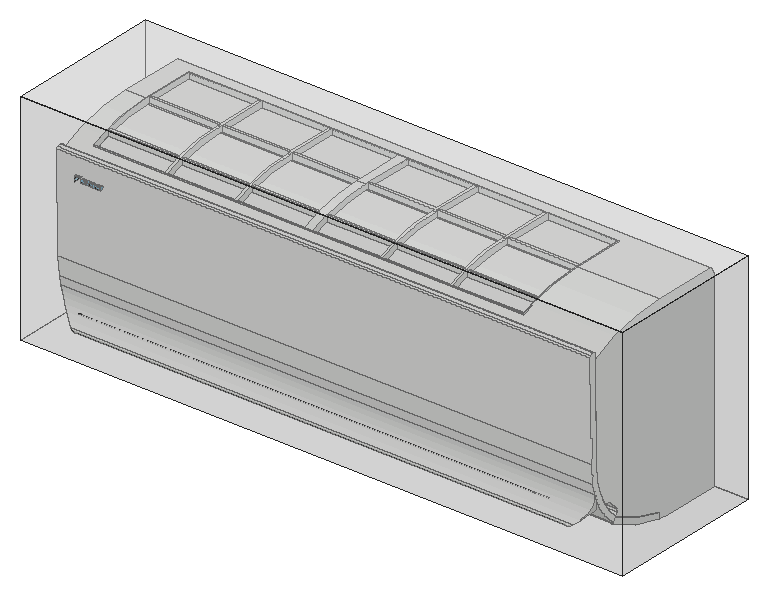
Revit family "outputfile", category 機械設備, Revit 2024
Family settings
  丸型コネクタ寸法 = 半径を使用
  パーツ タイプ = 標準
  OmniClass 番号 = 23.75.10.24.21.27.27
  OmniClass タイトル = Split System Air Conditioning Units
  作業面ベース = いいえ
  常に垂直 = はい
  ロード時にボイドで切り取り = いいえ
  注釈の向きを維持 = いいえ
  共有 = いいえ
  部屋計算ポイント = いいえ
Parameters (values of type "FTKE18YV2S")
  Description = ""
  製造元 = "Daikin"
  書き出し IFC クラス(タイプ) = "IfcUnitaryEquipmentType"
  定義済み IFC タイプ(タイプ) = "AIRCONDITIONINGUNIT"
  Cost = 0
  モデル = "FTKE18YV2S"
  Type Comments = ""
  Keynote = ""
  Type Image = (empty or 0)
  Assembly Code = ""
  switch_frequency = yes
  r_Liquid Pipe Size = Liquid Pipe Size / 2  # 3.2 mm
  r_Gas Pipe Size = Gas Pipe Size / 2  # 6.35 mm
  r_Drain Pipe Size = Drain Pipe Size / 2  # 8.0 mm
  lw_powersupply [instance] = if(or(Right Connection_refrigerant, Left Connection_refrigerant), 348.0 mm, if(or(Rear Right Connection_refrigerant, Bottom Right Connection_refrigerant), 30.0 mm, 740.0 mm))  # 348.0 mm
  lw_liquidpipe [instance] = if(or(Right Connection_refrigerant, Left Connection_refrigerant), 433.0 mm, if(or(Rear Right Connection_refrigerant, Bottom Right Connection_refrigerant), 40.0 mm, 730.0 mm))  # 433.0 mm
  lw_gaspipe [instance] = if(or(Right Connection_refrigerant, Left Connection_refrigerant), if(Gas Pipe Size = 9.5 mm, 335.0 mm, 345.0 mm) + 48.0 mm, if(or(Rear Right Connection_refrigerant, Bottom Right Connection_refrigerant), 55.0 mm, 715.0 mm))  # 393.0 mm
  lw_drainpipe [instance] = if(or(Right Connection_refrigerant, Left Connection_refrigerant), 488.0 mm, if(or(Rear Right Connection_refrigerant, Bottom Right Connection_refrigerant), 55.0 mm, 715.0 mm))  # 488.0 mm
  l_powersupply_length [instance] = if(Right Connection_refrigerant, 348.0 mm, if(Left Connection_refrigerant, 422.0 mm, if(or(Rear Left Connection_refrigerant, Rear Right Connection_refrigerant), 20.0 mm, 50.0 mm)))  # 348.0 mm
  l_liquidpipe_length [instance] = if(Right Connection_refrigerant, 433.0 mm, if(Left Connection_refrigerant, 337.0 mm, if(or(Rear Left Connection_refrigerant, Rear Right Connection_refrigerant), 40.0 mm, 35.0 mm)))  # 433.0 mm
  l_gaspipe_length [instance] = if(Right Connection_refrigerant, if(Gas Pipe Size = 9.5 mm, 335.0 mm, 345.0 mm) + 48.0 mm, if(Left Connection_refrigerant, 770.0 mm - (if(Gas Pipe Size = 9.5 mm, 335.0 mm, 345.0 mm) + 48.0 mm), if(or(Rear Left Connection_refrigerant, Rear Right Connection_refrigerant), 40.0 mm, 50.0 mm)))  # 393.0 mm
  l_drainpipe_length [instance] = if(Right Connection_refrigerant, 488.0 mm, if(Left Connection_refrigerant, 282.0 mm, if(or(Rear Left Connection_refrigerant, Rear Right Connection_refrigerant), 20.0 mm, 25.0 mm)))  # 488.0 mm
  h*** = 0.0 mm  # constant formula
  connector_voltage = Voltage_50Hz  # 220 V
  connector_powerinput = [Power Input (Cooling)]  # 1.740 kW
  connector_phase = Phase_50Hz  # 1
  angle_vertical [instance] = if(or(Bottom Left Connection_refrigerant, Bottom Right Connection_refrigerant), 0.00°, 90.00°)  # 90.00°
  angle_horizontal [instance] = if(Right Connection_refrigerant, 90.00°, if(Left Connection_refrigerant, -90.00°, if(or(Rear Left Connection_refrigerant, Rear Right Connection_refrigerant), 180.00°, 0.00°)))  # 90.00°
  Width = 770.0 mm
  Voltage_comment_50Hz = "220 - 240"
  Voltage_50Hz = 220 V
  Version = "ver.1.0"
  Unit Type = "Wall Mounted"
  Unit Mass Weight = 9.00 kg
  Unit Designation [instance] = ""
  Uniclass2015Version = "Products v1.30"
  Uniclass2015Title = "Split coil room air conditioning units"
  Uniclass2015Code = "Pr_70_65_03_86"
  URL = ""
  Total Cooling Capacity [instance] = 0.000 kW
  Sound Pressure Level_M speed (dBA) = 42
  Sound Pressure Level_L speed (dBA) = 35
  Sound Pressure Level_H speed (dBA) = 48
  Sound Power Level_H speed (dB) = 0
  Series = "Single Split_Fan Coil Unit"
  Sensible Cooling Capacity [instance] = 0.000 kW
  Refrigerant Type = "R32"
  Power Input (Cooling) = 1.740 kW
  Phase_50Hz = 1
  Option Accessory 3 [instance] = ""
  Option Accessory 2 [instance] = ""
  Option Accessory 1 [instance] = ""
  Nominal Cooling Capacity = 5.300 kW
  Minimum Circuit Amps_50Hz = 0.0 A
  Minimum Airflow = 516.00 m³/h
  Median Airflow = 636.00 m³/h
  Maximum Fuse Amps_50Hz = 0.0 A
  Maximum Airflow = 774.00 m³/h
  Material_Casing = DAIKIN_PureWhite_Casing_indoorunit
  Load Classification = HVAC
  Liquid Pipe Size = 6.4 mm
  Link_Nested Family [instance] = ""
  IfcVersion = ""
  IfcExportType = "AIRCONDITIONINGUNIT"
  IfcExportAs = "IfcUnitaryEquipmentType"
  Height = 285.0 mm
  Heat Exchanger Type = "Cross Fin Coil"
  Gas Pipe Size = 12.7 mm
  Frequency_50Hz = 50 Hz
  Fan Type = "Cross Flow Fan"
  Fan Drive = "-"
  FCU Tag No. [instance] = ""
  Drain Pipe Size = 16.0 mm
  Design Supply Airflow [instance] = 0.00 m³/h
  Depth = 226.0 mm
  既定の高さ = 0.0 mm
  Cooling Entering Wet Bulb Temperature [instance] = 0.00 °C
  Cooling Entering Dry Bulb Temperature [instance] = 0.00 °C
  Cooling Ambient Wet Bulb Temperature [instance] = 0.00 °C
  Cooling Ambient Dry Bulb Temperature [instance] = 0.00 °C
  Clearance visibility [instance] = yes
  Clearance Top = 30.0 mm
  Clearance Right = 50.0 mm
  Clearance Rear = 0.0 mm
  Clearance Left = 50.0 mm
  Clearance Front = 0.0 mm
  Clearance Bottom = 0.0 mm
  Bottom Right Connection_refrigerant [instance] = no
  Bottom Left Connection_refrigerant [instance] = no
  Rear Right Connection_refrigerant [instance] = no
  Rear Left Connection_refrigerant [instance] = no
  Right Connection_refrigerant [instance] = yes
  Left Connection_refrigerant [instance] = no
Reference planes
  plane 1 "Back": y = 0
  plane 2: z = 0
  plane 3 "Center (Left/Right)": x = 0
  plane 4: y = -133
  plane 5: y = -266
  plane 6 "Left": x = -385
  plane 7 "Right": x = 385
  plane 8 "Top": z = 0
  plane 9: y = 0
  plane 10: z = -285
  plane 11 "Clearance Front": y = -226
  plane 12 "Bottom": z = -285
  plane 13: z = -285
  plane 14: z = 30
  plane 15 "Front": y = -226
  plane 16 "Clearance Rear": y = 0
  plane 17: x = -8
  plane 18: x = -48
  plane 19: x = -103
  plane 20: y = -40
  plane 21: y = -20
  plane 22: x = 37
  plane 23: x = -435
  plane 24: x = 435
  plane 25: x = 337
Forms (mm)
  Extrusion 1, solid, material "DAIKIN_PureWhite_Casing_indoorunit" <- "Material_Casing", not visible
    sketch origin (-379, 1296.25, 1210) x (0, 1, 0) y (0, 0, 1)
      loop
        line (-1296.25, -1427) -> (-1326.25, -1427)
        arc (-1326.25, -1427) -> (-1340.393, -1432.858) -> (-1346.25, -1447) r 20
        line (-1346.25, -1447) -> (-1346.25, -1467)
        arc (-1346.25, -1467) -> (-1340.393, -1481.142) -> (-1326.25, -1487) r 20
        line (-1326.25, -1487) -> (-1296.25, -1487) -> (-1296.25, -1427)
    from 759 to 764
  Extrusion 2, solid, material "DAIKIN_PureWhite_Casing_indoorunit" <- "Material_Casing"
    sketch origin (-495, 1156.25, 1200) x (0, 1, 0) y (0, 0, 1)
      loop
        line (-1156.25, -1485) -> (-1156.25, -1208.5) -> (-1161.25, -1200) -> (-1254.25, -1200)
        arc (-1254.25, -1200) -> (-1314.413, -1207.347) -> (-1371.039, -1228.956) r 250
        arc (-1371.039, -1228.956) -> (-1370.963, -1294.87) -> (-1368.901, -1360.751) r 2186.827
        arc (-1368.901, -1360.751) -> (-1367.931, -1373.599) -> (-1366.216, -1386.369) r 221.844
        arc (-1366.216, -1386.369) -> (-1361.341, -1405) -> (-1353.083, -1422.397) r 103
        line (-1353.083, -1422.397) -> (-1345.22, -1422.397)
        arc (-1345.22, -1422.397) -> (-1343.826, -1422.741) -> (-1342.751, -1423.693) r 3
        arc (-1342.751, -1423.693) -> (-1337.001, -1431.196) -> (-1330.533, -1438.09) r 95
        arc (-1330.533, -1438.09) -> (-1329.645, -1439.831) -> (-1330.018, -1441.749) r 3
        line (-1330.018, -1441.749) -> (-1332.498, -1446.044)
        arc (-1332.498, -1446.044) -> (-1295.066, -1463.723) -> (-1255.079, -1474.437) r 231
        arc (-1255.079, -1474.437) -> (-1254.485, -1474.778) -> (-1254.25, -1475.422) r 1
        line (-1254.25, -1475.422) -> (-1254.25, -1483.703)
        arc (-1254.25, -1483.703) -> (-1250.776, -1484.245) -> (-1247.294, -1484.736) r 240
        arc (-1247.294, -1484.736) -> (-1245.313, -1484.934) -> (-1243.323, -1485) r 30
        line (-1243.323, -1485) -> (-1156.25, -1485)
    from 110 to 880
  Extrusion 3, solid, material "DAIKIN_PureWhite_Casing_indoorunit" <- "Material_Casing"
    sketch origin (-622.601, -1524, -230) x (-1, 0, 0) y (0, -1, 0)
      loop
        line (-996.615, -1494) -> (-996.615, -1524) -> (-936.615, -1524) -> (-936.615, -1494)
        arc (-936.615, -1494) -> (-942.473, -1479.858) -> (-956.615, -1474) r 20
        line (-956.615, -1474) -> (-976.615, -1474)
        arc (-976.615, -1474) -> (-990.757, -1479.858) -> (-996.615, -1494) r 20
      loop
        arc (-248.601, -1494) -> (-254.459, -1479.858) -> (-268.601, -1474) r 20
        line (-268.601, -1474) -> (-288.601, -1474)
        arc (-288.601, -1474) -> (-302.743, -1479.858) -> (-308.601, -1494) r 20
        line (-308.601, -1494) -> (-308.601, -1524) -> (-248.601, -1524) -> (-248.601, -1494)
    from -55 to -50
  Extrusion 4, solid, material "DAIKIN_PureWhite_Casing_indoorunit" <- "Material_Casing"
    sketch origin (0, 0, 10) x (1, 0, 0) y (0, 0, 1)
      loop
        circle (337, -250.5) r 32.5
      loop
        circle (-337, -250.5) r 32.5
    from 0 to 5
  Extrusion 5, solid, material "DAIKIN_PureWhite_Casing_indoorunit" <- "Material_Casing"
    sketch origin (489, 1296.25, 1210) x (0, 1, 0) y (0, 0, -1)
      loop
        line (-1296.25, 1427) -> (-1296.25, 1487) -> (-1326.25, 1487)
        arc (-1326.25, 1487) -> (-1340.393, 1481.142) -> (-1346.25, 1467) r 20
        line (-1346.25, 1467) -> (-1346.25, 1447)
        arc (-1346.25, 1447) -> (-1340.393, 1432.858) -> (-1326.25, 1427) r 20
        line (-1326.25, 1427) -> (-1296.25, 1427)
    from 869 to 874
  Extrusion 6, solid, material "DAIKIN_PureWhite_Casing_indoorunit" <- "Material_Casing"
    sketch origin (-385, 1156.25, 1200) x (0, 1, 0) y (0, 0, 1)
      loop
        arc (-1374.103, -1387.706) -> (-1361.832, -1423.213) -> (-1338.419, -1452.594) r 111
        arc (-1338.419, -1452.594) -> (-1337.834, -1452.764) -> (-1337.333, -1452.419) r 0.709
        line (-1337.333, -1452.419) -> (-1334.084, -1446.792)
        arc (-1334.084, -1446.792) -> (-1333.962, -1446.14) -> (-1334.274, -1445.556) r 1
        arc (-1334.274, -1445.556) -> (-1355.212, -1418.643) -> (-1366.216, -1386.369) r 103
        arc (-1366.216, -1386.369) -> (-1367.931, -1373.599) -> (-1368.901, -1360.751) r 221.844
        arc (-1368.901, -1360.751) -> (-1370.989, -1293.222) -> (-1370.99, -1225.661) r 2186.827
        arc (-1370.99, -1225.661) -> (-1370.93, -1221.937) -> (-1370.863, -1218.213) r 2192
        arc (-1370.863, -1218.213) -> (-1371.146, -1217.637) -> (-1371.78, -1217.535) r 0.7
        line (-1371.78, -1217.535) -> (-1377.538, -1219.406)
        arc (-1377.538, -1219.406) -> (-1378.425, -1219.99) -> (-1378.887, -1220.946) r 2
        arc (-1378.887, -1220.946) -> (-1379.035, -1290.894) -> (-1376.907, -1360.81) r 2149.92
        arc (-1376.907, -1360.81) -> (-1375.901, -1374.299) -> (-1374.103, -1387.706) r 229.911
    from 0 to 770
  Extrusion 7, solid, material "DAIKIN_PureWhite_Casing_indoorunit" <- "Material_Casing"
    sketch origin (-385, 1156.25, 1200) x (0, 1, 0) y (0, 0, 1)
      loop
        arc (-1336.569, -1454.09) -> (-1297.525, -1472.406) -> (-1255.834, -1483.439) r 240
        arc (-1255.834, -1483.439) -> (-1255.428, -1483.328) -> (-1255.25, -1482.946) r 0.5
        line (-1255.25, -1482.946) -> (-1255.25, -1475.422)
        arc (-1255.25, -1475.422) -> (-1295.171, -1464.749) -> (-1332.564, -1447.164) r 232
        arc (-1332.564, -1447.164) -> (-1332.945, -1447.112) -> (-1333.249, -1447.346) r 0.5
        line (-1333.249, -1447.346) -> (-1336.741, -1453.393)
        arc (-1336.741, -1453.393) -> (-1336.802, -1453.778) -> (-1336.569, -1454.09) r 0.5
    from 0 to 770
  Extrusion 8, solid, material "DAIKIN_PureWhite_Casing_indoorunit" <- "Material_Casing"
    sketch origin (-385, 1156.25, 1200) x (0, 1, 0) y (0, 0, 1)
      loop
        arc (-1371.046, -1401.088) -> (-1370.514, -1423.975) -> (-1381.552, -1444.032) r 44
        arc (-1381.552, -1444.032) -> (-1382.188, -1446.32) -> (-1380.625, -1448.108) r 2.5
        arc (-1380.625, -1448.108) -> (-1367.897, -1451.601) -> (-1354.751, -1452.778) r 74
        line (-1354.751, -1452.778) -> (-1338.211, -1452.778)
        arc (-1338.211, -1452.778) -> (-1358.264, -1429.242) -> (-1371.046, -1401.088) r 111
    from 0 to 770
  Extrusion 9, solid, material "DAIKIN_PureWhite_Casing_indoorunit" <- "Material_Casing"
    sketch origin (-385, 1156.25, 1200) x (0, 1, 0) y (0, 0, 1)
      loop
        line (-1254.32, -1208) -> (-1177.85, -1208) -> (-1177.85, -1200) -> (-1254.25, -1200)
        arc (-1254.25, -1200) -> (-1302.879, -1204.775) -> (-1349.65, -1218.918) r 250
        line (-1349.65, -1218.918) -> (-1349.65, -1227.568)
        arc (-1349.65, -1227.568) -> (-1302.979, -1212.942) -> (-1254.32, -1208) r 242
    from 29.359 to 650.764
  Extrusion 10, void
    sketch origin (-385, 1156.25, 1200) x (0, 1, 0) y (0, 0, 1)
      loop
        line (-1349.65, -1215.676) -> (-1349.65, -1227.568)
        arc (-1349.65, -1227.568) -> (-1302.979, -1212.942) -> (-1254.32, -1208) r 242
        line (-1254.32, -1208) -> (-1177.85, -1208) -> (-1177.85, -1197) -> (-1254.25, -1197)
        arc (-1254.25, -1197) -> (-1302.856, -1201.713) -> (-1349.65, -1215.676) r 253
    from 29.359 to 650.764
  Extrusion 11, void
    sketch origin (-610.615, -1524, -240) x (-1, 0, 0) y (0, -1, 0)
      loop
        line (-255.68, -1501.684) -> (-255.68, -1432.659) -> (-357.948, -1432.659) -> (-357.948, -1501.684) -> (-255.68, -1501.684)
      loop
        line (-361.28, -1501.684) -> (-361.28, -1432.659) -> (-459.048, -1432.659) -> (-459.048, -1501.684) -> (-361.28, -1501.684)
      loop
        line (-255.68, -1429.341) -> (-255.68, -1358.741) -> (-357.948, -1358.741) -> (-357.948, -1429.341) -> (-255.68, -1429.341)
      loop
        line (-255.68, -1356.618) -> (-255.68, -1331.319) -> (-357.948, -1331.319) -> (-357.948, -1356.618) -> (-255.68, -1356.618)
      loop
        line (-361.274, -1429.341) -> (-361.274, -1358.741) -> (-459.048, -1358.741) -> (-459.048, -1429.341) -> (-361.274, -1429.341)
      loop
        line (-361.274, -1356.618) -> (-361.274, -1331.319) -> (-459.048, -1331.319) -> (-459.048, -1356.618) -> (-361.274, -1356.618)
      loop
        line (-462.312, -1501.684) -> (-462.312, -1432.659) -> (-559.622, -1432.659) -> (-559.622, -1501.684) -> (-462.312, -1501.684)
      loop
        line (-462.306, -1429.341) -> (-462.306, -1358.741) -> (-559.622, -1358.741) -> (-559.622, -1429.341) -> (-462.306, -1429.341)
      loop
        line (-462.306, -1356.618) -> (-462.306, -1331.319) -> (-559.622, -1331.319) -> (-559.622, -1356.618) -> (-462.306, -1356.618)
      loop
        line (-571.622, -1501.684) -> (-571.622, -1432.659) -> (-668.931, -1432.659) -> (-668.931, -1501.684) -> (-571.622, -1501.684)
      loop
        line (-672.311, -1501.684) -> (-672.311, -1432.659) -> (-770.079, -1432.659) -> (-770.079, -1501.684) -> (-672.311, -1501.684)
      loop
        line (-571.622, -1429.341) -> (-571.622, -1358.741) -> (-668.925, -1358.741) -> (-668.925, -1429.341) -> (-571.622, -1429.341)
      loop
        line (-571.622, -1356.618) -> (-571.622, -1331.319) -> (-668.925, -1331.319) -> (-668.925, -1356.618) -> (-571.622, -1356.618)
      loop
        line (-672.311, -1429.341) -> (-672.311, -1358.741) -> (-770.079, -1358.741) -> (-770.079, -1429.341) -> (-672.311, -1429.341)
      loop
        line (-672.311, -1356.618) -> (-672.311, -1331.319) -> (-770.079, -1331.319) -> (-770.079, -1356.618) -> (-672.311, -1356.618)
      loop
        line (-773.411, -1501.684) -> (-773.411, -1432.659) -> (-875.679, -1432.659) -> (-875.679, -1501.684) -> (-773.411, -1501.684)
      loop
        line (-773.411, -1429.341) -> (-773.411, -1358.741) -> (-875.679, -1358.741) -> (-875.679, -1429.341) -> (-773.411, -1429.341)
      loop
        line (-773.411, -1356.618) -> (-773.411, -1331.319) -> (-875.679, -1331.319) -> (-875.679, -1356.618) -> (-773.411, -1356.618)
    from 208.902 to 245
  Extrusion 12, void
    sketch origin (-385, 1156.25, 1200) x (0, 1, 0) y (0, 0, 1)
      loop
        arc (-1339.36, -1455.929) -> (-1309.531, -1470.929) -> (-1277.928, -1481.699) r 243
        line (-1277.928, -1481.699) -> (-1275.103, -1471.068)
        arc (-1275.103, -1471.068) -> (-1305.332, -1460.762) -> (-1333.859, -1446.402) r 232
        line (-1333.859, -1446.402) -> (-1339.36, -1455.929)
    from 47 to 652
  Extrusion 13, solid, material "DAIKIN_PureWhite_Casing_indoorunit" <- "Material_Casing"
    sketch origin (-385, 1156.25, 1200) x (0, 1, 0) y (0, 0, 1)
      loop
        arc (-1336.998, -1453.838) -> (-1307.924, -1468.349) -> (-1277.157, -1478.8) r 240
        line (-1277.157, -1478.8) -> (-1275.103, -1471.068)
        arc (-1275.103, -1471.068) -> (-1304.871, -1460.955) -> (-1332.998, -1446.91) r 232
        line (-1332.998, -1446.91) -> (-1336.998, -1453.838)
    from 52.507 to 648.507
  Extrusion 14, void
    sketch origin (0, 0, 0) x (1, 0, 0) y (0, 0, 1)
      loop
        line (-395, -201.088) -> (-395, -259.424) -> (-333.271, -259.424) -> (-333.271, -252.778)
        arc (-333.271, -252.778) -> (-369.835, -237.641) -> (-385, -201.088) r 51.729
        line (-385, -201.088) -> (-395, -201.088)
    from 118.853 to 250
  Extrusion 15, void
    sketch origin (0, 0, 0) x (1, 0, 0) y (0, 0, 1)
      loop
        arc (385, -200.608) -> (369.72, -237.498) -> (332.829, -252.778) r 52.171
        line (332.829, -252.778) -> (332.829, -262.778) -> (392.829, -262.778) -> (392.829, -192.778) -> (385, -192.778) -> (385, -200.608)
    from 140.894 to 250
Cuts and joins
  Extrusion 10 cuts Extrusion 2
  Extrusion 11 cuts Extrusion 9
  Extrusion 12 cuts Extrusion 7
  Extrusion 14, Extrusion 15 cuts Extrusion 8
Lines and regions (mm)
  reference lines
    curve 1: line (-395.5, -222.696, -45.45) -> (-395.5, -222.696, -55.45)
Dimensions and locks
  equal spacing: plane 6 "Left", plane 3 "Center (Left/Right)", plane 7 "Right"
  "Width": plane 6 "Left" to plane 7 "Right"
  level to plane 10 = 285.0 mm
  locked: Extrusion 4 sketch curve to plane 6 "Left" at 48
  locked: plane 7 "Right" to Extrusion 4 sketch curve at 48
  locked: plane 8 "Top" to Extrusion 4 sketch curve at 240.5  (x2)
  locked: plane 6 "Left" to Extrusion 3 sketch curve at 11
  locked: Extrusion 3 sketch curve to Extrusion 3 sketch curve at 60  (x2)
  locked: Extrusion 3 sketch curve to plane 7 "Right" at 10.986
  "Height": plane 8 "Top" to plane 12 "Bottom"
  "Clearance Top": plane 14 to plane 8 "Top"
  "Clearance Bottom": plane 12 "Bottom" to plane 13
  "Depth": plane 15 "Front" to plane 1 "Back"
  "Clearance Front": plane 15 "Front" to plane 11 "Clearance Front"
  "Clearance Rear": plane 16 "Clearance Rear" to plane 1 "Back"
  locked: plane 1 "Back" to plane 20 at 40
  locked: plane 1 "Back" to plane 21 at 20
  "Clearance Left": plane 23 to plane 6 "Left"
  "Clearance Right": plane 7 "Right" to plane 24
  "lw_powersupply": plane 22 to plane 7 "Right"
  locked: plane 25 to plane 7 "Right" at 48
  "lw_gaspipe": plane 17 to plane 7 "Right"
  "lw_liquidpipe": plane 18 to plane 7 "Right"
  "lw_drainpipe": plane 19 to plane 7 "Right"
  aligned and locked: level to plane 2
  aligned and locked: nested 2 to curve 1
  aligned and locked: plane 7 "Right" to Extrusion 1
  aligned and locked: plane 19 to nested 3
  aligned and locked: plane 18 to nested 4
  aligned and locked: plane 22 to nested 5
  aligned and locked: plane 17 to nested 6
  aligned and locked: nested 6 to plane 20
  aligned and locked: nested 4 to plane 20
  aligned and locked: nested 3 to plane 21
  aligned and locked: nested 5 to plane 21
  aligned and locked: nested 1 to plane 16 "Clearance Rear"
  aligned and locked: plane 11 "Clearance Front" to nested 1
  aligned and locked: nested 1 to plane 13
  aligned and locked: nested 1 to plane 14
  aligned and locked: nested 1 to plane 23
  aligned and locked: plane 24 to nested 1
Automatic sketch dimensions
  Extrusion 1 sketch curve to plane 1 "Back" = 0.0 mm
  plane 1 "Back" to Extrusion 1 sketch curve = 30.0 mm  (x2)
  Extrusion 1 sketch curve to Extrusion 1 sketch curve = 20.0 mm  (x2)
  Extrusion 1 sketch curve to level = 277.0 mm
  Extrusion 2 sketch curve to Extrusion 2 sketch curve = 0.0 mm  (x8)
  Extrusion 2 sketch curve to level = 0.0 mm
  Extrusion 2 sketch curve to plane 10 = 0.0 mm
  Extrusion 2 sketch curve to plane 1 "Back" = 0.0 mm
  plane 1 "Back" to Extrusion 2 sketch curve = 5.0 mm
  plane 1 "Back" to Extrusion 2 sketch curve = 59.278 mm
  plane 4 to Extrusion 2 sketch curve = 45.927 mm
  plane 10 to Extrusion 2 sketch curve = 1.297 mm
  Extrusion 2 sketch curve to Extrusion 2 sketch curve = 10.927 mm
  plane 4 to Extrusion 2 sketch curve = 35.0 mm
  Extrusion 2 sketch curve to Extrusion 2 sketch curve = 1.0 mm
  plane 4 to Extrusion 2 sketch curve = 24.681 mm
  Extrusion 2 sketch curve to plane 4 = 40.768 mm
  Extrusion 2 sketch curve to Extrusion 2 sketch curve = 2.48 mm
  Extrusion 2 sketch curve to Extrusion 2 sketch curve = 2.598 mm
  Extrusion 2 sketch curve to Extrusion 2 sketch curve = 12.604 mm
  Extrusion 2 sketch curve to Extrusion 2 sketch curve = 7.862 mm
  Extrusion 2 sketch curve to plane 1 "Back" = 8.955 mm
  Extrusion 2 sketch curve to level = 59.408 mm
  Extrusion 2 sketch curve to Extrusion 2 sketch curve = 1962.872 mm
  Extrusion 2 sketch curve to Extrusion 2 sketch curve = 8.281 mm
  Extrusion 2 sketch curve to Extrusion 2 sketch curve = 20.422 mm
  Extrusion 2 sketch curve to Extrusion 2 sketch curve = 5.0 mm
  plane 10 to Extrusion 2 sketch curve = 38.956 mm
  Extrusion 2 sketch curve to Extrusion 2 sketch curve = 4.295 mm
  Extrusion 2 sketch curve to Extrusion 2 sketch curve = 1.5 mm
  Extrusion 2 sketch curve to Extrusion 2 sketch curve = 14.851 mm
  Extrusion 2 sketch curve to Extrusion 2 sketch curve = 3.0 mm
  Extrusion 2 sketch curve to Extrusion 2 sketch curve = 80.275 mm
  Extrusion 2 sketch curve to Extrusion 2 sketch curve = 19.254 mm
  Extrusion 2 sketch curve to level = 46.847 mm
  Extrusion 2 sketch curve to level = 8.5 mm
  Extrusion 2 sketch curve to Extrusion 2 sketch curve = 13.133 mm
  plane 1 "Back" to Extrusion 3 sketch curve = 0.0 mm  (x2)
  Extrusion 3 sketch curve to Extrusion 3 sketch curve = 20.0 mm  (x4)
  plane 1 "Back" to Extrusion 3 sketch curve = 30.0 mm  (x2)
  Extrusion 5 sketch curve to plane 1 "Back" = 0.0 mm
  plane 1 "Back" to Extrusion 5 sketch curve = 30.0 mm  (x2)
  Extrusion 5 sketch curve to Extrusion 5 sketch curve = 20.0 mm  (x2)
  Extrusion 5 sketch curve to level = 217.0 mm
  Extrusion 6 sketch curve to Extrusion 6 sketch curve = 0.0 mm  (x5)
  Extrusion 6 sketch curve to level = 19.406 mm
  Extrusion 6 sketch curve to Extrusion 6 sketch curve = 1.349 mm
  Extrusion 6 sketch curve to Extrusion 6 sketch curve = 0.618 mm
  Extrusion 6 sketch curve to level = 17.535 mm
  Extrusion 6 sketch curve to Extrusion 6 sketch curve = 5.759 mm
  Extrusion 6 sketch curve to Extrusion 6 sketch curve = 0.217 mm
  Extrusion 6 sketch curve to plane 4 = 48.697 mm
  Extrusion 6 sketch curve to Extrusion 6 sketch curve = 0.614 mm
  Extrusion 6 sketch curve to Extrusion 6 sketch curve = 2.997 mm
  Extrusion 6 sketch curve to Extrusion 6 sketch curve = 0.866 mm
  plane 4 to Extrusion 6 sketch curve = 24.681 mm
  Extrusion 6 sketch curve to plane 1 "Back" = 8.955 mm
  Extrusion 6 sketch curve to Extrusion 6 sketch curve = 0.067 mm
  Extrusion 6 sketch curve to level = 60.455 mm
  Extrusion 6 sketch curve to Extrusion 6 sketch curve = 44.907 mm
  Extrusion 6 sketch curve to Extrusion 6 sketch curve = 5.173 mm
  Extrusion 6 sketch curve to level = 150.462 mm
  Extrusion 6 sketch curve to Extrusion 6 sketch curve = 0.008 mm
  Extrusion 6 sketch curve to Extrusion 6 sketch curve = 19.254 mm
  Extrusion 6 sketch curve to Extrusion 6 sketch curve = 76.567 mm
  Extrusion 6 sketch curve to Extrusion 6 sketch curve = 0.5 mm
  Extrusion 6 sketch curve to Extrusion 6 sketch curve = 5.772 mm
  Extrusion 6 sketch curve to Extrusion 6 sketch curve = 1.017 mm
  Extrusion 6 sketch curve to Extrusion 6 sketch curve = 0.03 mm
  Extrusion 6 sketch curve to Extrusion 6 sketch curve = 0.665 mm
  plane 5 to Extrusion 6 sketch curve = 45.344 mm
  Extrusion 6 sketch curve to Extrusion 6 sketch curve = 5.93 mm
  Extrusion 6 sketch curve to Extrusion 6 sketch curve = 7.888 mm
  Extrusion 7 sketch curve to plane 4 = 47.49 mm
  Extrusion 7 sketch curve to Extrusion 7 sketch curve = 0.424 mm
  Extrusion 7 sketch curve to Extrusion 7 sketch curve = 3.491 mm
  Extrusion 7 sketch curve to Extrusion 7 sketch curve = 0.433 mm
  plane 4 to Extrusion 7 sketch curve = 33.5 mm
  Extrusion 7 sketch curve to Extrusion 7 sketch curve = 0.5 mm
  plane 1 "Back" to Extrusion 7 sketch curve = 59.278 mm
  Extrusion 7 sketch curve to Extrusion 7 sketch curve = 0.0 mm  (x4)
  Extrusion 7 sketch curve to level = 282.946 mm
  Extrusion 7 sketch curve to Extrusion 7 sketch curve = 7.524 mm
  Extrusion 7 sketch curve to Extrusion 7 sketch curve = 21.764 mm
  Extrusion 7 sketch curve to Extrusion 7 sketch curve = 0.265 mm
  Extrusion 7 sketch curve to Extrusion 7 sketch curve = 6.062 mm
  Extrusion 7 sketch curve to Extrusion 7 sketch curve = 0.25 mm
  Extrusion 7 sketch curve to level = 46.848 mm
  Extrusion 7 sketch curve to Extrusion 7 sketch curve = 0.084 mm
  plane 5 to Extrusion 8 sketch curve = 8.997 mm
  plane 5 to Extrusion 8 sketch curve = 42.5 mm
  Extrusion 8 sketch curve to Extrusion 8 sketch curve = 25.0 mm
  Extrusion 8 sketch curve to Extrusion 8 sketch curve = 16.54 mm
  plane 4 to Extrusion 8 sketch curve = 24.681 mm
  Extrusion 8 sketch curve to level = 252.778 mm
  Extrusion 8 sketch curve to Extrusion 8 sketch curve = 7.013 mm
  Extrusion 8 sketch curve to Extrusion 8 sketch curve = 32.246 mm
  Extrusion 8 sketch curve to Extrusion 8 sketch curve = 34.741 mm
  Extrusion 8 sketch curve to Extrusion 8 sketch curve = 9.054 mm
  Extrusion 8 sketch curve to Extrusion 8 sketch curve = 1.801 mm
  Extrusion 8 sketch curve to Extrusion 8 sketch curve = 0.0 mm  (x2)
  Extrusion 8 sketch curve to Extrusion 8 sketch curve = 16.296 mm
  Extrusion 9 sketch curve to level = 0.0 mm
  Extrusion 9 sketch curve to level = 18.918 mm
  Extrusion 9 sketch curve to plane 4 = 60.4 mm
  Extrusion 9 sketch curve to level = 8.0 mm
  plane 4 to Extrusion 9 sketch curve = 34.93 mm
  Extrusion 9 sketch curve to Extrusion 9 sketch curve = 0.07 mm
  plane 1 "Back" to Extrusion 9 sketch curve = 21.6 mm
  Extrusion 9 sketch curve to Extrusion 9 sketch curve = 0.0 mm
  Extrusion 10 sketch curve to level = 27.568 mm
  Extrusion 10 sketch curve to plane 4 = 60.4 mm
  plane 4 to Extrusion 10 sketch curve = 34.93 mm
  level to Extrusion 10 sketch curve = 3.0 mm
  Extrusion 10 sketch curve to Extrusion 10 sketch curve = 0.07 mm
  plane 1 "Back" to Extrusion 10 sketch curve = 21.6 mm
  Extrusion 10 sketch curve to Extrusion 10 sketch curve = 222.432 mm
  Extrusion 10 sketch curve to Extrusion 10 sketch curve = 0.0 mm
  plane 4 to Extrusion 11 sketch curve = 38.341 mm
  Extrusion 11 sketch curve to plane 7 "Right" = 119.936 mm
  Extrusion 11 sketch curve to Extrusion 11 sketch curve = 0.0 mm  (x22)
  plane 1 "Back" to Extrusion 11 sketch curve = 22.316 mm  (x3)
  Extrusion 11 sketch curve to Extrusion 11 sketch curve = 102.268 mm
  Extrusion 11 sketch curve to Extrusion 11 sketch curve = 3.332 mm  (x3)
  plane 3 "Center (Left/Right)" to Extrusion 11 sketch curve = 61.696 mm  (x2)
  Extrusion 11 sketch curve to Extrusion 11 sketch curve = 3.38 mm
  Extrusion 11 sketch curve to Extrusion 11 sketch curve = 3.386 mm
  Extrusion 11 sketch curve to Extrusion 11 sketch curve = 0.006 mm  (x3)
  Extrusion 11 sketch curve to plane 3 "Center (Left/Right)" = 38.993 mm  (x2)
  Extrusion 11 sketch curve to Extrusion 11 sketch curve = 12.0 mm  (x2)
  plane 4 to Extrusion 11 sketch curve = 41.659 mm  (x3)
  Extrusion 11 sketch curve to Extrusion 11 sketch curve = 97.309 mm
  Extrusion 11 sketch curve to plane 4 = 32.259 mm  (x4)
  Extrusion 11 sketch curve to Extrusion 11 sketch curve = 3.264 mm
  Extrusion 11 sketch curve to Extrusion 11 sketch curve = 3.258 mm  (x2)
  Extrusion 11 sketch curve to Extrusion 11 sketch curve = 97.768 mm
  Extrusion 11 sketch curve to Extrusion 11 sketch curve = 3.326 mm
  plane 6 "Left" to Extrusion 11 sketch curve = 30.066 mm
  Extrusion 11 sketch curve to Extrusion 11 sketch curve = 3.317 mm  (x5)
  Extrusion 11 sketch curve to Extrusion 11 sketch curve = 2.124 mm  (x6)
  Extrusion 11 sketch curve to Extrusion 11 sketch curve = 25.299 mm  (x5)
  plane 4 to Extrusion 12 sketch curve = 11.323 mm
  Extrusion 12 sketch curve to Extrusion 12 sketch curve = 2.825 mm
  Extrusion 12 sketch curve to Extrusion 12 sketch curve = 0.0 mm  (x2)
  Extrusion 12 sketch curve to level = 281.699 mm
  Extrusion 12 sketch curve to Extrusion 12 sketch curve = 10.631 mm
  Extrusion 13 sketch curve to plane 4 = 47.748 mm
  Extrusion 13 sketch curve to Extrusion 13 sketch curve = 4.0 mm
  plane 4 to Extrusion 13 sketch curve = 12.093 mm
  Extrusion 13 sketch curve to Extrusion 13 sketch curve = 2.054 mm
  plane 1 "Back" to Extrusion 13 sketch curve = 59.278 mm
  Extrusion 13 sketch curve to Extrusion 13 sketch curve = 0.0 mm
  Extrusion 13 sketch curve to level = 278.8 mm
  Extrusion 13 sketch curve to Extrusion 13 sketch curve = 7.732 mm
  Extrusion 13 sketch curve to Extrusion 13 sketch curve = 17.23 mm
  Extrusion 13 sketch curve to Extrusion 13 sketch curve = 6.928 mm
  Extrusion 12 sketch curve to plane 4 = 50.109 mm
  plane 1 "Back" to Extrusion 12 sketch curve = 59.278 mm
  Extrusion 12 sketch curve to Extrusion 12 sketch curve = 15.14 mm
  Extrusion 12 sketch curve to Extrusion 12 sketch curve = 5.5 mm
  Extrusion 14 sketch curve to plane 6 "Left" = 10.0 mm
  plane 6 "Left" to Extrusion 14 sketch curve = 0.0 mm
  plane 7 "Right" to Extrusion 15 sketch curve = 7.829 mm
  Extrusion 15 sketch curve to plane 7 "Right" = 0.0 mm
  Extrusion 6 sketch curve to plane 4 = 87.67 mm
  Extrusion 6 sketch curve to Extrusion 6 sketch curve = 1.902 mm
  Extrusion 6 sketch curve to Extrusion 6 sketch curve = 2.804 mm
  plane 6 "Left" to Extrusion 14 sketch curve = 51.729 mm
  Extrusion 14 sketch curve to Extrusion 14 sketch curve = 6.646 mm
  Extrusion 15 sketch curve to Extrusion 15 sketch curve = 10.0 mm
  Extrusion 14 sketch curve to level = 259.424 mm
  Extrusion 14 sketch curve to Extrusion 14 sketch curve = 58.337 mm
  Extrusion 15 sketch curve to plane 7 "Right" = 52.171 mm
  Extrusion 15 sketch curve to level = 262.778 mm
  Extrusion 15 sketch curve to Extrusion 15 sketch curve = 7.829 mm
  plane 5 to curve 1 = 43.304 mm
  curve 1 to level = 55.45 mm
  curve 1 to curve 1 = 10.0 mm
  radius of Extrusion 4 sketch curve = 32.5 mm  (x2)
Nested families
  nested 1: "daikin_clearancespace" at (0, -113, -127.381), show <- "Clearance visibility", visible <- "Clearance visibility", Link_Nested Family <- "Link_Nested Family", type "daikin_clearancespace"
    with width 870.0 mm, show yes, height 315.0 mm, depth 226.0 mm, Link_Nested Family ""
  nested 2: "daikin_logo_plane_w40" at (-338, -222.696, -45) x (1, 0, 0) z (0, -1, 0), type "daikin_logo_plane_w40"
    with show_logo yes
  nested 3: "daikin_connector_rotate3" at (-103, -20, -260), angle_vertical <- "angle_vertical", angle_horizontal <- "angle_horizontal", length <- "l_drainpipe_length", radius <- "r_Drain Pipe Size", type "daikin_connector_rotate3"
    with show no, radius 8.0 mm, length 488.0 mm, angle_vertical 90.00°, angle_horizontal 90.00°
  nested 4: "daikin_connector_rotate3" at (-48, -40, -250), angle_vertical <- "angle_vertical", angle_horizontal <- "angle_horizontal", length <- "l_liquidpipe_length", radius <- "r_Liquid Pipe Size", type "daikin_connector_rotate3"
    with show no, radius 3.2 mm, length 433.0 mm, angle_vertical 90.00°, angle_horizontal 90.00°
  nested 5: "daikin_connector_rotate3" at (37, -20, -235), angle_vertical <- "angle_vertical", angle_horizontal <- "angle_horizontal", length <- "l_powersupply_length", type "daikin_connector_rotate3"
    with show no, radius 10.0 mm, length 348.0 mm, angle_vertical 90.00°, angle_horizontal 90.00°
  nested 6: "daikin_connector_rotate3" at (-8, -40, -235), angle_vertical <- "angle_vertical", angle_horizontal <- "angle_horizontal", length <- "l_gaspipe_length", radius <- "r_Gas Pipe Size", type "daikin_connector_rotate3"
    with show no, radius 6.35 mm, length 393.0 mm, angle_vertical 90.00°, angle_horizontal 90.00°
Connectors
  electrical at (385, -20, -235), driven by "Load Classification", driven by "connector_voltage", driven by "connector_phase", driven by "connector_powerinput"
    settings: on nested 5, index 1, voltage 220 V, apparent load 1740 VA, apparent load phase1 0 VA, apparent load phase2 0 VA, apparent load phase3 0 VA, power factor 1, load classification "HVAC", number of poles 1, system type 30, power factor state 1, is connector primary yes, connector utility no, sub classification motor no, connector description "Power Supply"
  piping at (385, -20, -260), diameter 16, driven by "r_Drain Pipe Size"
    settings: on nested 3, index 2, connector inside diameter 609.6 mm, connector length 0.0 mm, flow factor 0, pipe flow 0.00 m³/h, pressure drop 0.0 Pa, fitting loss kfactor 0, connector angle 0.00°, fixture units 0, engagement length 0.0 mm, angle of deflection 0.00°, flow configuration 1, flow direction 2, fitting loss method 4, system type 16, joint type 0, gender type 0, connector reference index -1, connector utility 0, adjustable connector no, is connector primary yes, connector description "Condensate Drain Piping"
  piping at (385, -40, -235), diameter 12.7, driven by "r_Gas Pipe Size"
    settings: on nested 6, index 3, connector inside diameter 609.6 mm, connector length 0.0 mm, flow factor 0, pipe flow 0.00 m³/h, pressure drop 0.0 Pa, fitting loss kfactor 0, connector angle 0.00°, fixture units 0, engagement length 0.0 mm, angle of deflection 0.00°, flow configuration 1, flow direction 2, fitting loss method 0, system type 29, joint type 0, gender type 0, connector reference index -1, connector utility 0, adjustable connector no, is connector primary no, connector description "Refrigerant Gas Piping"
  piping at (385, -40, -250), diameter 6.4, driven by "r_Liquid Pipe Size"
    settings: on nested 4, index 4, connector inside diameter 609.6 mm, connector length 0.0 mm, flow factor 0, pipe flow 0.00 m³/h, pressure drop 0.0 Pa, fitting loss kfactor 0, connector angle 0.00°, fixture units 0, engagement length 0.0 mm, angle of deflection 0.00°, flow configuration 1, flow direction 1, fitting loss method 0, system type 29, joint type 0, gender type 0, connector reference index -1, connector utility 0, adjustable connector no, is connector primary no, connector description "Refrigerant Liquid Piping"
Definition of nested family "daikin_clearancespace"
  Parameters (values of type "daikin_clearancespace")
    Description = "daikin_clearancespace"
    width [instance] = 1823.963 mm
    show [instance] = yes
    material = none
    height [instance] = 1359.762 mm
    depth [instance] = 880.0 mm
    Default Elevation = 0.0 mm
    Link_Nested Family [instance] = ""
  Reference planes
    plane 1 "Center (Front/Back)": y = 0
    plane 2 "Center (Elevation)": z = -0.119
    plane 3 "Center (Left/Right)": x = 0
    plane 4: y = 440
    plane 5: y = -440
    plane 6 "Right": x = 911.982
    plane 7 "Left": x = -911.982
    plane 8 "Top": z = 679.762
    plane 9 "Bottom": z = -680
  Forms (mm)
    Extrusion 1, solid, material <- "material", visible <- "show"
      sketch origin (0, 0, 0) x (1, 0, 0) y (0, 1, 0)
        loop
          line (-911.982, 440) -> (-911.982, -440) -> (911.982, -440) -> (911.982, 440) -> (-911.982, 440)
      from -680 to 679.762
  Lines and regions (mm)
    symbolic lines, visible <- "show"
      curve 1: line (911.982, 440, 0) -> (-911.982, 440, 0)
      curve 2: line (-911.982, 440, 0) -> (-911.982, -440, 0)
      curve 3: line (-911.982, -440, 0) -> (911.982, -440, 0)
      curve 4: line (911.982, -440, 0) -> (911.982, 440, 0)
      curve 5: line (911.982, 0, 679.762) -> (-911.982, 0, 679.762)
      curve 6: line (911.982, 0, -680) -> (911.982, 0, 679.762)
      curve 7: line (-911.982, 0, -680) -> (911.982, 0, -680)
      curve 8: line (-911.982, 0, 679.762) -> (-911.982, 0, -680)
      curve 9: line (0, 440, 679.762) -> (0, -440, 679.762)
      curve 10: line (0, -440, 679.762) -> (0, -440, -680)
      curve 11: line (0, 440, -680) -> (0, 440, 679.762)
      curve 12: line (0, -440, -680) -> (0, 440, -680)
  Dimensions and locks
    "width": plane 7 "Left" to plane 6 "Right"
    "depth": plane 4 to plane 5
    "height": plane 8 "Top" to plane 9 "Bottom"
    equal spacing: plane 7 "Left", plane 3 "Center (Left/Right)", plane 6 "Right"
    equal spacing: plane 4, plane 1 "Center (Front/Back)", plane 5
    equal spacing: plane 8 "Top", plane 2 "Center (Elevation)", plane 9 "Bottom"
    aligned and locked: level to plane 2 "Center (Elevation)"
    aligned and locked: Extrusion 1 sketch curve to plane 4
    aligned and locked: plane 7 "Left" to Extrusion 1 sketch curve
    aligned and locked: Extrusion 1 sketch curve to plane 5
    aligned and locked: Extrusion 1 sketch curve to plane 6 "Right"
    aligned and locked: plane 8 "Top" to Extrusion 1
    aligned and locked: curve 1 to Extrusion 1
    aligned and locked: curve 2 to Extrusion 1
    aligned and locked: curve 3 to Extrusion 1
    aligned and locked: curve 4 to Extrusion 1
    aligned and locked: curve 5 to Extrusion 1
    aligned and locked: curve 6 to Extrusion 1
    aligned and locked: curve 7 to Extrusion 1
    aligned and locked: curve 8 to Extrusion 1
    aligned and locked: curve 9 to Extrusion 1
    aligned and locked: curve 10 to Extrusion 1
    aligned and locked: curve 11 to Extrusion 1
    aligned and locked: curve 12 to Extrusion 1
    aligned and locked: Extrusion 1 to plane 9 "Bottom"
Definition of nested family "daikin_logo_plane_w40"
  Parameters (values of type "daikin_logo_plane_w40")
    width = 40.0 mm
    show_logo [instance] = yes
    material = none
    height = 0.0 mm
    depth = 0.0 mm
    Default Elevation = 1219.2 mm
  Reference planes
    plane 1 "Center (Front/Back)": y = 0
    plane 2: z = 0
    plane 3 "Center (Left/Right)": x = 0
    plane 4: z = 2
    plane 5 "left": x = -19
    plane 6: x = 19
  Forms (mm)
    Extrusion 1, solid, visible <- "show_logo"
      sketch origin (-19, 0, 0) x (1, 0, 0) y (0, 1, 0)
        loop
          line (8.902, -1.878) -> (7.789, -6.332) -> (11.13, -6.332)
          arc (11.13, -6.332) -> (12.454, -6.064) -> (13.472, -5.176) r 2.642
          arc (13.472, -5.176) -> (13.92, -4.02) -> (13.767, -2.79) r 2.537
          arc (13.767, -2.79) -> (13.452, -2.342) -> (12.982, -2.06) r 1.321
          arc (12.982, -2.06) -> (12.063, -1.902) -> (11.13, -1.878) r 6.479
          line (11.13, -1.878) -> (8.902, -1.878)
        loop
          line (10.016, -5.441) -> (10.907, -5.441)
          arc (10.907, -5.441) -> (11.591, -4.983) -> (11.988, -4.261) r 1.742
          spline (11.988, -4.261) -> (12.01, -4.155) -> (12.027, -4.03) -> (12.037, -3.893) -> (12.037, -3.747) -> (12.026, -3.598) -> (12.002, -3.451) -> (11.962, -3.31) -> (11.905, -3.181) -> (11.829, -3.069) -> (11.731, -2.978) -> (11.61, -2.913) -> (11.464, -2.88)
          line (11.464, -2.88) -> (10.573, -2.88) -> (10.016, -5.441)
        loop
          line (13.58, -6.332) -> (14.805, -6.332) -> (15.223, -5.553) -> (16.977, -5.553) -> (17.144, -6.332) -> (19.149, -6.332) -> (18.258, -1.878) -> (16.03, -1.878) -> (13.58, -6.332)
        loop
          line (16.476, -3.214) -> (15.76, -4.551) -> (16.762, -4.551) -> (16.476, -3.214)
        loop
          line (19.705, -6.332) -> (21.599, -6.332) -> (22.712, -1.878) -> (20.819, -1.878) -> (19.705, -6.332)
        loop
          line (22.712, -6.332) -> (24.606, -6.332) -> (24.908, -5.122) -> (25.831, -6.332) -> (28.17, -6.332) -> (26.388, -3.994) -> (28.949, -1.878) -> (26.945, -1.878) -> (25.401, -3.153) -> (25.719, -1.878) -> (23.826, -1.878) -> (22.712, -6.332)
        loop
          line (29.84, -1.878) -> (28.615, -6.332) -> (30.62, -6.332) -> (31.734, -1.878) -> (29.84, -1.878)
        loop
          line (31.734, -6.332) -> (33.07, -6.332) -> (33.7, -3.814) -> (34.518, -6.332) -> (36.745, -6.332) -> (37.859, -1.878) -> (36.523, -1.878) -> (35.845, -4.589) -> (34.963, -1.878) -> (32.847, -1.878) -> (31.734, -6.332)
      from 0 to 2
    Extrusion 2, solid, visible <- "show_logo"
      sketch origin (-19, 0, 0) x (1, 0, 0) y (0, 1, 0)
        loop
          line (8.7, 0) -> (4.235, 0) -> (0, -3.879) -> (0, -8) -> (8.7, 0)
      from 0 to 2
    Extrusion 3, solid, visible <- "show_logo"
      sketch origin (-19, 0, 0) x (1, 0, 0) y (0, 1, 0)
        loop
          line (0, 0) -> (0, -3.879) -> (4.235, 0) -> (0, 0)
      from 0 to 2
  Dimensions and locks
    plane 4 to plane 2 = 2.0 mm
    equal spacing: plane 5 "left", plane 3 "Center (Left/Right)", plane 6
    locked: plane 5 "left" to plane 6 at 38
    aligned and locked: level to plane 2
    aligned and locked: Extrusion 3 to plane 1 "Center (Front/Back)"  (x2)
    aligned and locked: Extrusion 2 to plane 1 "Center (Front/Back)"  (x2)
    aligned and locked: plane 4 to Extrusion 1
    aligned and locked: plane 4 to Extrusion 3
    aligned and locked: plane 4 to Extrusion 2
    aligned and locked: Extrusion 3 to plane 5 "left"
    aligned and locked: Extrusion 2 to plane 5 "left"
  Automatic sketch dimensions
    Extrusion 1 sketch curve to Extrusion 1 sketch curve = 0.901 mm
    Extrusion 1 sketch curve to Extrusion 1 sketch curve = 1.559 mm
    Extrusion 1 sketch curve to Extrusion 1 sketch curve = 1.327 mm
    Extrusion 1 sketch curve to Extrusion 1 sketch curve = 2.145 mm
    Extrusion 1 sketch curve to Extrusion 1 sketch curve = 1.448 mm
    Extrusion 1 sketch curve to Extrusion 1 sketch curve = 2.116 mm
    Extrusion 1 sketch curve to Extrusion 1 sketch curve = 1.114 mm  (x4)
    Extrusion 1 sketch curve to Extrusion 1 sketch curve = 1.336 mm  (x2)
    plane 1 "Center (Front/Back)" to Extrusion 1 sketch curve = 1.878 mm  (x5)
    Extrusion 1 sketch curve to Extrusion 1 sketch curve = 1.893 mm  (x5)
    Extrusion 1 sketch curve to Extrusion 1 sketch curve = 0.891 mm  (x4)
    Extrusion 1 sketch curve to Extrusion 1 sketch curve = 2.005 mm  (x3)
    Extrusion 1 sketch curve to Extrusion 1 sketch curve = 0.445 mm  (x2)
    plane 1 "Center (Front/Back)" to Extrusion 1 sketch curve = 3.994 mm
    Extrusion 1 sketch curve to Extrusion 1 sketch curve = 0.557 mm  (x2)
    Extrusion 1 sketch curve to Extrusion 1 sketch curve = 2.339 mm  (x2)
    Extrusion 1 sketch curve to Extrusion 1 sketch curve = 1.225 mm  (x3)
    plane 1 "Center (Front/Back)" to Extrusion 1 sketch curve = 3.153 mm
    Extrusion 1 sketch curve to Extrusion 1 sketch curve = 0.987 mm
    plane 1 "Center (Front/Back)" to Extrusion 1 sketch curve = 5.122 mm
    Extrusion 1 sketch curve to Extrusion 1 sketch curve = 0.922 mm
    plane 1 "Center (Front/Back)" to Extrusion 1 sketch curve = 6.332 mm
    Extrusion 1 sketch curve to Extrusion 1 sketch curve = 2.562 mm
    plane 1 "Center (Front/Back)" to Extrusion 1 sketch curve = 5.553 mm
    Extrusion 1 sketch curve to Extrusion 1 sketch curve = 0.167 mm
    Extrusion 1 sketch curve to Extrusion 1 sketch curve = 0.215 mm
    plane 1 "Center (Front/Back)" to Extrusion 1 sketch curve = 3.214 mm
    Extrusion 1 sketch curve to Extrusion 1 sketch curve = 0.286 mm
    plane 1 "Center (Front/Back)" to Extrusion 1 sketch curve = 4.551 mm
    Extrusion 1 sketch curve to Extrusion 1 sketch curve = 1.002 mm
    Extrusion 1 sketch curve to Extrusion 1 sketch curve = 0.537 mm
    Extrusion 1 sketch curve to Extrusion 1 sketch curve = 0.418 mm
    Extrusion 1 sketch curve to Extrusion 1 sketch curve = 1.028 mm
    plane 1 "Center (Front/Back)" to Extrusion 1 sketch curve = 4.261 mm
    Extrusion 1 sketch curve to Extrusion 1 sketch curve = 0.563 mm
    plane 1 "Center (Front/Back)" to Extrusion 1 sketch curve = 2.88 mm
    Extrusion 1 sketch curve to Extrusion 1 sketch curve = 1.088 mm
    Extrusion 1 sketch curve to Extrusion 1 sketch curve = 2.152 mm
    Extrusion 1 sketch curve to Extrusion 1 sketch curve = 0.586 mm
    Extrusion 1 sketch curve to Extrusion 1 sketch curve = 0.118 mm
    Extrusion 1 sketch curve to Extrusion 1 sketch curve = 0.298 mm
    Extrusion 1 sketch curve to Extrusion 1 sketch curve = 0.334 mm
    Extrusion 1 sketch curve to Extrusion 1 sketch curve = 0.223 mm
    Extrusion 1 sketch curve to Extrusion 1 sketch curve = 0.266 mm
    Extrusion 1 sketch curve to Extrusion 1 sketch curve = 1.671 mm
    Extrusion 1 sketch curve to Extrusion 1 sketch curve = 2.227 mm
    Extrusion 1 sketch curve to Extrusion 1 sketch curve = 0.0 mm  (x7)
    Extrusion 1 sketch curve to Extrusion 1 sketch curve = 3.453 mm
    Extrusion 1 sketch curve to Extrusion 1 sketch curve = 2.017 mm
    Extrusion 1 sketch curve to Extrusion 1 sketch curve = 0.78 mm  (x2)
    Extrusion 1 sketch curve to Extrusion 1 sketch curve = 1.743 mm
    Extrusion 1 sketch curve to Extrusion 1 sketch curve = 0.775 mm
    Extrusion 1 sketch curve to Extrusion 1 sketch curve = 0.552 mm
    Extrusion 1 sketch curve to Extrusion 1 sketch curve = 0.014 mm
    Extrusion 1 sketch curve to Extrusion 1 sketch curve = 0.952 mm
    Extrusion 1 sketch curve to Extrusion 1 sketch curve = 1.215 mm
    Extrusion 1 sketch curve to Extrusion 1 sketch curve = 0.108 mm
    plane 1 "Center (Front/Back)" to Extrusion 2 sketch curve = 0.0 mm
    Extrusion 2 sketch curve to plane 3 "Center (Left/Right)" = 19.0 mm
    Extrusion 2 sketch curve to plane 3 "Center (Left/Right)" = 14.765 mm
    Extrusion 2 sketch curve to Extrusion 2 sketch curve = 4.465 mm
    plane 1 "Center (Front/Back)" to Extrusion 2 sketch curve = 3.879 mm
    Extrusion 2 sketch curve to Extrusion 2 sketch curve = 4.12 mm
    plane 1 "Center (Front/Back)" to Extrusion 3 sketch curve = 0.0 mm
    Extrusion 3 sketch curve to plane 3 "Center (Left/Right)" = 19.0 mm
    Extrusion 3 sketch curve to plane 3 "Center (Left/Right)" = 14.765 mm
    plane 1 "Center (Front/Back)" to Extrusion 3 sketch curve = 3.879 mm
    Extrusion 1 sketch curve to plane 3 "Center (Left/Right)" = 11.211 mm
    Extrusion 1 sketch curve to Extrusion 1 sketch curve = 1.782 mm
Definition of nested family "daikin_connector_rotate3"
  Parameters (values of type "daikin_connector_rotate3")
    show [instance] = yes
    radius [instance] = 10.0 mm
    length [instance] = 600.0 mm
    angle_horizontal [instance] = 60.00°
    angle_vertical [instance] = 90.00°
    Default Elevation = 1219.2 mm
  Reference planes
    plane 1 "Center (Front/Back)": y = 0
    plane 2: z = 0
    plane 3 "Center (Left/Right)": x = 0
  Dimensions and locks
    "angle_horizontal": angle plane 3 "Center (Left/Right)" to nested 1
    aligned and locked: level to plane 2
    aligned and locked: plane 1 "Center (Front/Back)" to nested 1  (x2)
    aligned and locked: plane 3 "Center (Left/Right)" to nested 1
  Nested families
    nested 1: "daikin_connector_rotate2" at (0, 0, 0) x (0.5, 0.866, 0) z (0, 0, 1), angle_vertical <- "angle_vertical", length <- "length", radius <- "radius", type "daikin_connector_rotate2"
      with radius 10.0 mm, length 600.0 mm, angle_vertical 90.00°
  Definition of nested family "daikin_connector_rotate2"
    Parameters (values of type "daikin_connector_rotate2")
      show_face = yes
      radius [instance] = 10.0 mm
      length [instance] = 600.0 mm
      d_surface = 10.0 mm
      angle_vertical [instance] = 90.00°
      Default Elevation = 0.0 mm
    Reference planes
      plane 1 "Center (Front/Back)": y = 0
      plane 2: z = 0
      plane 3 "Center (Left/Right)": x = 0
    Forms (mm)
      Extrusion 1, solid, visible <- "show_face"
        sketch origin (0, -600, 0) x (1, 0, 0) y (0, 0, 1)
          loop
            circle (0, 0) r 10
        from 0 to -10
    Lines and regions (mm)
      reference lines
        curve 1: line (0, 0, 0) -> (0, -600, 0)
      symbolic lines
        curve 2: circle (0, 0, 0) r 5 normal (0, 0, 1)
      model lines, visible <- "show_face"
        curve 3: line (0, 0, 0) -> (0, -600, 0)
    Dimensions and locks
      "length": curve 1 to curve 1
      "length": curve 3 to curve 3
      "d_surface": Extrusion 1 to Extrusion 1
      "radius": radius of Extrusion 1 sketch curve
      "angle_vertical": angle curve 1 to plane 1 "Center (Front/Back)"
      "angle_vertical": angle curve 3 to plane 1 "Center (Front/Back)"
      aligned and locked: level to plane 2
      aligned and locked: plane 1 "Center (Front/Back)" to curve 1
      aligned and locked: plane 2 to curve 1
      aligned and locked: plane 1 "Center (Front/Back)" to curve 2
      aligned and locked: plane 3 "Center (Left/Right)" to curve 2
      aligned and locked: plane 1 "Center (Front/Back)" to curve 3
      aligned and locked: plane 2 to curve 3
      aligned and locked: Extrusion 1 to Extrusion 1
    Automatic sketch dimensions
      Extrusion 1 sketch curve to level = 0.0 mm
      Extrusion 1 sketch curve to plane 3 "Center (Left/Right)" = 0.0 mm
      radius of curve 2 = 5.0 mm
